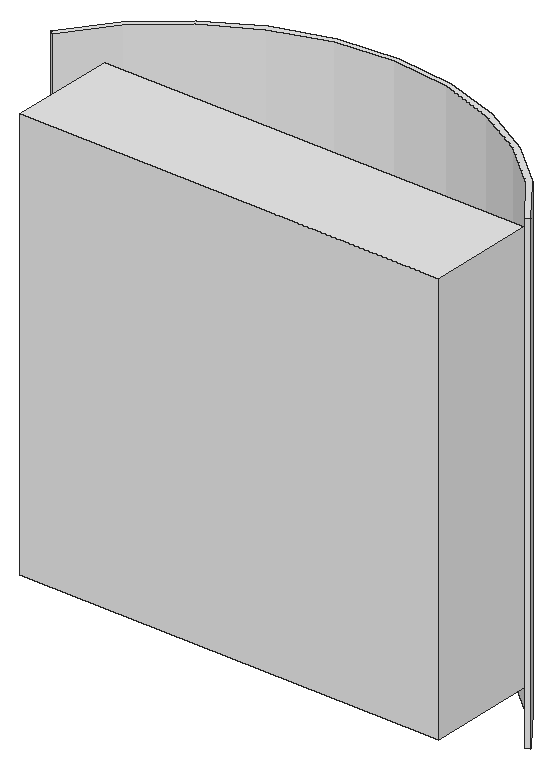
Revit family "Cypher-C2", category Lighting Fixtures, host Wall, Revit 2013
Parameters (values of type "CY2-45-5K7-1-4D-R")
  Watts = 52 W
  Wattage Comments = "50W, 4500 nominal lumens"
  Wattage = 52 W
  built-in parameter 1150110 = 1 (stored number, unit not read)
  Voltage = if([120 Voltage], 120 V, 270 V)  # 120 V
  URL = "http://www.aal.net/"
  built-in parameter 1114217 = 1 (stored number, unit not read)
  Tilt Angle = 90.00°
  built-in parameter 1150109 = 1 (stored number, unit not read)
  built-in parameter 1150134 = 2
  built-in parameter 1150113 = 1 (stored number, unit not read)
  Photometric Web Link = "http://www.aal.net/products/cypher_1"
  Photometric Notes = "More IES files download Photometric Web Link"  # constant formula
  Glass = Hubbell-White Glass
  Product Page URL = "http://www.aal.net/products/cypher_1"
  Product Documentation Link = "http://www.aal.net/content/products/specs/specs_files/aal_cy2_spec.pdf"
  Power Factor = 1
  Photometric Web File = "CY2-45-5K7-1-4D-R.IES"
  Fascia Form [instance] = Panel : Radius - 4 Square
  Model = "Cypher - Pedestrian Scale"  # constant formula
  Manufacturer Phone = "626-968-5666"  # constant formula
  Manufacturer Fax = "626-369-2695"  # constant formula
  Manufacturer = "Architectural Area Lighting"  # constant formula
  built-in parameter 1150105 = 318.63 (stored number, unit not read)
  Lumens = 4004 lm
  built-in parameter 1150115 = 1 (stored number, unit not read)
  Load Classification = Lighting
  built-in parameter 1150137 = (empty or 0)
  built-in parameter 1150139 = (empty or 0)
  built-in parameter 1150112 = 1 (stored number, unit not read)
  built-in parameter 1150114 = 1 (stored number, unit not read)
  Lamp = "360° Light Distribution"  # constant formula
  built-in parameter 1150132 = (empty or 0)
  built-in parameter 1150102 = (empty or 0)
  built-in parameter 1150107 = 5000 (stored number, unit not read)
  built-in parameter 1150138 = (empty or 0)
  built-in parameter 1150106 = 3.1863 (stored number, unit not read)
  Emit from Rectangle Width = 9.00"  # constant formula
  Emit from Rectangle Length = 3.00"  # constant formula
  Emit Shape Visible in Rendering = no
  built-in parameter 1150104 = 7.1535 (stored number, unit not read)
  Dimming Lamp Color Temperature Shift = <None>
  Description = "Cypher allows designers to mix and match optics for best-in-class aesthetics and performance"  # constant formula
  Color Filter = 16777215
  Box Finish = Hubbell-White
  built-in parameter 1114218 = 1 (stored number, unit not read)
  built-in parameter 1150133 = 10 (stored number, unit not read)
  Assembly Code = "D5020"
  Apparent Load = Watts / Power Factor  # 52 VA
  277 Voltage = not([120 Voltage])  # no
  120 Voltage = yes
Types (6): name | Watts | Wattage Comments | Wattage | built-in parameter 1150134 | Photometric Web File | Fascia Form | built-in parameter 1150105 | Lumens | built-in parameter 1150107 | built-in parameter 1150106 | built-in parameter 1150104 | Apparent Load
  CY2-25-3K7-1-2-R | 26 W | "25W, 2500 nominal lumens" | 26 W | (empty or 0) | "CY2-25-3K7-1-2-R.ies" | Panel : Flat - Blank | 180 (stored number, unit not read) | 2262 lm | 3000 (stored number, unit not read) | 1.8 (stored number, unit not read) | 8.0826 (stored number, unit not read) | 26 VA
  CY2-25-4K7-1-SP-R | 26 W | "25W, 2500 nominal lumens" | 26 W | 12 | "CY2-25-4K7-1-SP-R.IES" | Panel : Flat - Blank | 171.73 (stored number, unit not read) | 2158 lm | 4000 (stored number, unit not read) | 1.7173 (stored number, unit not read) | 7.711 (stored number, unit not read) | 26 VA
  CY2-35-4K7-1-1D-R | 40 W | "40W, 3500 nominal lumens" | 40 W | 12 | "CY2-35-4K7-1-1D-R.ies" | Panel : Flat - Blank | 257.83 (stored number, unit not read) | 3240 lm | 4000 (stored number, unit not read) | 2.5783 (stored number, unit not read) | 7.5251 (stored number, unit not read) | 40 VA
  CY2-35-5K7-1-WG-R | 40 W | "40W, 3500 nominal lumens" | 40 W | 2 | "CY2-35-5K7-1-WG-R.IES" | Panel : Flat - Blank | 315.13 (stored number, unit not read) | 3960 lm | 5000 (stored number, unit not read) | 3.1513 (stored number, unit not read) | 9.1974 (stored number, unit not read) | 40 VA
  CY2-45-3K7-1-3-R | 52 W | "50W, 4500 nominal lumens" | 52 W | (empty or 0) | "CY2-45-3K7-1-3-R.IES" | Panel : Flat - Blank | 339.32 (stored number, unit not read) | 4264 lm | 3000 (stored number, unit not read) | 3.3932 (stored number, unit not read) | 7.618 (stored number, unit not read) | 52 VA
  CY2-45-5K7-1-4D-R | 52 W | "50W, 4500 nominal lumens" | 52 W | 2 | "CY2-45-5K7-1-4D-R.IES" | Panel : Radius - 4 Square | 318.63 (stored number, unit not read) | 4004 lm | 5000 (stored number, unit not read) | 3.1863 (stored number, unit not read) | 7.1535 (stored number, unit not read) | 52 VA
Reference planes (in)
  plane 1 "Wall": y = 0
  plane 2 "Center (Left/Right)": x = 4.92126
  plane 3 "Back": y = 2.95276
  plane 4: z = 67.32601
Text (in)
  text "Placement Side" at (-36.97918, 19.73443, 0), in view "Ref. Level"
  text "Placement side" at (0, 27.32912, 79.68064), in view "Left"
  text "Placement side" at (0, 10.24977, 82.91007), in view "Right"
Dimensions and locks (in)
  locked: plane 3 "Back" to host wall
  aligned and locked: plane 1 "Wall" to host wall
  aligned and locked: nested 1 to plane 2 "Center (Left/Right)"
  aligned and locked: nested 1 to plane 4
Nested families (in)
  nested 1: "Panel" at (4.92126, 2.95276, 67.32601) x (-1, 0, 0) z (0, 1, 0), type <- "Fascia Form", Panel <- "Box Finish", Glass <- "Glass", type "Radius - 4 Square"
    with Panel Hubbell-White, Glass Hubbell-White Glass
Connectors (in)
  electrical at (4.92126, 2.95276, 67.32601), driven by "Load Classification", driven by "Voltage", driven by "Apparent Load", driven by "Power Factor"
    settings: on nested 1, index 1, voltage 120 V, apparent load 52 VA, apparent load phase1 0 VA, apparent load phase2 0 VA, apparent load phase3 0 VA, power factor 1, load classification "Lighting", number of poles 1, system type 30, power factor state 1, is connector primary yes, connector utility no, sub classification motor no, connector description "Lighting Connector"
Definition of nested family "Panel"
  Parameters (values of type "Flat - Open")
    zz Length 2 = 13.50"
    zz Length 1 = 13.70"
    URL = ""
    Radius = no
    Flat = yes
    F-Open = yes
    F-Blank = no
    R-4 Square = no
    R-Open = no
    Model = ""
    Manufacturer = ""
    R-Blank = no
    Panel [instance] = none
    Glass [instance] = none
    F-4 Square = no
    Description = ""
    Default Elevation = 48.00"
  Types (6): name | Radius | Flat | F-Open | F-Blank | R-4 Square | R-Open | R-Blank | F-4 Square
    Radius - Blank | yes | no | no | no | no | no | yes | no
    Radius - Open | yes | no | no | no | no | yes | no | no
    Radius - 4 Square | yes | no | no | no | yes | yes | no | no
    Flat - Blank | no | yes | no | yes | no | no | no | no
    Flat - Open | no | yes | yes | no | no | no | no | no
    Flat - 4 Square | no | yes | yes | no | no | no | no | yes
  Reference planes (in)
    plane 1 "Center (Front/Back)": y = 0
    plane 2: z = 0
    plane 3 "Center (Left/Right)": x = 0
    plane 4: x = -7.85
    plane 5: y = 7.75
    plane 6: y = -7.75
    plane 7: x = 7.85
    plane 8: x = -2
    plane 9: x = 2
    plane 10: y = 2
    plane 11: y = -2
    plane 12: x = -6.85
    plane 13: x = 6.85
    plane 14: y = 6.75
    plane 15: y = -6.75
    plane 16: z = 6.9
    plane 17: x = -7.5
    plane 18: x = 7.5
    plane 19: y = -7.5
    plane 20: y = 7.5
    plane 21: z = 3.45
  Forms (in)
    Extrusion 1, solid
      sketch origin (0, 0, 0) x (1, 0, 0) y (0, 1, 0)
        loop
          line (-48, 48) -> (-48, -48) -> (48, -48) -> (48, 48) -> (-48, 48)
      from 0 to -12
    Extrusion 2, solid, material <- "Panel", visible <- "Radius"
      sketch origin (0, 0, -5.12088) x (1, 0, 0) y (0, 0, 1)
        loop
          line (-7.85, 7.62088) -> (-7.70499, 7.53216)
          arc (-7.70499, 7.53216) -> (0, 11.85088) -> (7.70499, 7.53216) r 9.03256
          line (7.70499, 7.53216) -> (7.85, 7.62088)
          arc (7.85, 7.62088) -> (0, 12.02088) -> (-7.85, 7.62088) r 9.20256
      from 7.75 to -7.75
    Extrusion 3, void
      sketch origin (0, 0, 0) x (1, 0, 0) y (0, 1, 0)
        loop
          line (-2, 2) -> (-2, -2) -> (2, -2) -> (2, 2) -> (-2, 2)
      from 7.43003 to 0.25
    Extrusion 4, solid, material <- "Glass", visible <- "R-Open"
      sketch origin (0, 0, -8.59835) x (1, 0, 0) y (0, 0, 1)
        loop
          line (-2, 15.27839) -> (-2, 15.19641)
          arc (-2, 15.19641) -> (0, 15.41835) -> (2, 15.19641) r 9.12256
          line (2, 15.19641) -> (2, 15.27839)
          arc (2, 15.27839) -> (0, 15.49835) -> (-2, 15.27839) r 9.20256
      from 2 to -2
    Extrusion 5, solid, material <- "Panel", visible <- "R-Blank"
      sketch origin (0, 0, -8.65303) x (1, 0, 0) y (0, 0, 1)
        loop
          line (-2, 15.33095) -> (-2, 15.24912)
          arc (-2, 15.24912) -> (0, 15.46275) -> (2, 15.24912) r 9.46875
          line (2, 15.24912) -> (2, 15.33095)
          arc (2, 15.33095) -> (0, 15.54275) -> (-2, 15.33095) r 9.54875
      from 2 to -2
    Extrusion 6, solid, material <- "Panel", visible <- "R-4 Square"
      sketch origin (0, 0, -8.64522) x (1, 0, 0) y (0, 0, 1)
        loop
          line (-2, 15.32526) -> (-2, 15.24328)
          arc (-2, 15.24328) -> (0, 15.46522) -> (2, 15.24328) r 9.12256
          line (2, 15.24328) -> (2, 15.32526)
          arc (2, 15.32526) -> (0, 15.54522) -> (-2, 15.32526) r 9.20256
      from 2 to -2
    Extrusion 7, void
      sketch origin (0, 0, 0) x (1, 0, 0) y (0, 1, 0)
        loop
          line (-2, 2) -> (-2, 0.125) -> (-0.125, 0.125) -> (-0.125, 2) -> (-2, 2)
        loop
          line (2, 2) -> (0.125, 2) -> (0.125, 0.125) -> (2, 0.125) -> (2, 2)
        loop
          line (-2, -2) -> (-0.125, -2) -> (-0.125, -0.125) -> (-2, -0.125) -> (-2, -2)
        loop
          line (2, -2) -> (2, -0.125) -> (0.125, -0.125) -> (0.125, -2) -> (2, -2)
      from 7.47083 to 2.5679
    Extrusion 8, solid, material <- "Panel"
      sketch origin (0, 0, 0) x (1, 0, 0) y (0, 1, 0)
        loop
          line (-6.85, 6.75) -> (-6.85, -6.75) -> (6.85, -6.75) -> (6.85, 6.75) -> (-6.85, 6.75)
      from 0 to 3.45
    Extrusion 9, solid, material <- "Panel", visible <- "Flat"
      sketch origin (0, 0, 0) x (1, 0, 0) y (0, 1, 0)
        loop
          line (-7.5, 7.5) -> (-7.5, -7.5) -> (7.5, -7.5) -> (7.5, 7.5) -> (-7.5, 7.5)
      from 3.45 to 3.6
    Extrusion 10, solid, material <- "Panel", visible <- "F-Blank"
      sketch origin (0, 0, 0) x (1, 0, 0) y (0, 1, 0)
        loop
          line (-2, 2) -> (-2, -2) -> (2, -2) -> (2, 2) -> (-2, 2)
      from 3.51565 to 3.6
    Extrusion 11, solid, material <- "Glass", visible <- "F-Open"
      sketch origin (0, 0, 0) x (1, 0, 0) y (0, 1, 0)
        loop
          line (-2, 2) -> (-2, -2) -> (2, -2) -> (2, 2) -> (-2, 2)
      from 3.45 to 3.51565
    Extrusion 12, solid, material <- "Panel", visible <- "F-4 Square"
      sketch origin (0, 0, 0) x (1, 0, 0) y (0, 1, 0)
        loop
          line (-2, 2) -> (-2, -2) -> (2, -2) -> (2, 2) -> (-2, 2)
      from 3.51565 to 3.6
    Extrusion 13, void
      sketch origin (0, 0, 0) x (1, 0, 0) y (0, 0, 1)
        loop
          line (-6.35, 3.2) -> (-6.35, 0.25) -> (6.35, 0.25) -> (6.35, 3.2) -> (-6.35, 3.2)
      from -2.93789 to 7.75
    Extrusion 14, solid, material <- "Glass"
      sketch origin (0, 0, 0) x (1, 0, 0) y (0, 0, 1)
        loop
          line (-6.35, 3.2) -> (-6.35, 0.25) -> (6.35, 0.25) -> (6.35, 3.2) -> (-6.35, 3.2)
      from 6.36667 to 6.4986
  Cuts and joins
    Extrusion 3 cuts Extrusion 2
    Extrusion 7 cuts Extrusion 6
    Extrusion 3 cuts Extrusion 9
    Extrusion 7 cuts Extrusion 12
    Extrusion 3, Extrusion 13 cuts Extrusion 8
  Dimensions and locks (in)
    equal spacing: plane 5, plane 1 "Center (Front/Back)", plane 6
    locked: plane 6 to plane 5 at 15.5
    equal spacing: plane 4, plane 3 "Center (Left/Right)", plane 7
    locked: plane 4 to plane 7 at 15.7
    equal spacing: plane 8, plane 3 "Center (Left/Right)", plane 9
    equal spacing: plane 10, plane 1 "Center (Front/Back)", plane 11
    locked: plane 8 to plane 3 "Center (Left/Right)" at 2
    locked: plane 1 "Center (Front/Back)" to plane 10 at 2
    equal spacing: plane 12, plane 3 "Center (Left/Right)", plane 13
    equal spacing: plane 14, plane 1 "Center (Front/Back)", plane 15
    "zz Length 1": plane 12 to plane 13
    "zz Length 2": plane 14 to plane 15
    plane 16 to plane 2 = 6.90"
    equal spacing: plane 17, plane 3 "Center (Left/Right)", plane 18
    equal spacing: plane 19, plane 1 "Center (Front/Back)", plane 20
    locked: plane 19 to plane 20 at 15
    locked: plane 17 to plane 18 at 15
    plane 21 to plane 2 = 3.45"
    locked: Extrusion 8 to Extrusion 13 sketch curve at 0.5  (x2)
    locked: Extrusion 13 sketch curve to Extrusion 1 at 0.25
    locked: plane 21 to Extrusion 13 sketch curve at 0.25
    aligned and locked: plane 2 to Extrusion 1
    aligned and locked: level to Extrusion 1
    aligned and locked: plane 5 to Extrusion 2
    aligned and locked: plane 6 to Extrusion 2
    aligned and locked: Extrusion 3 sketch curve to plane 10
    aligned and locked: plane 8 to Extrusion 3 sketch curve
    aligned and locked: Extrusion 3 sketch curve to plane 11
    aligned and locked: plane 9 to Extrusion 3 sketch curve
    aligned and locked: plane 10 to Extrusion 4
    aligned and locked: plane 11 to Extrusion 4
    aligned and locked: plane 10 to Extrusion 5
    aligned and locked: plane 11 to Extrusion 5
    aligned and locked: plane 10 to Extrusion 6
    aligned and locked: plane 11 to Extrusion 6
    aligned and locked: Extrusion 7 sketch curve to plane 10
    aligned and locked: plane 8 to Extrusion 7 sketch curve
    aligned and locked: Extrusion 7 sketch curve to plane 8
    aligned and locked: Extrusion 7 sketch curve to plane 9
    aligned and locked: plane 9 to Extrusion 7 sketch curve
    aligned and locked: Extrusion 7 sketch curve to plane 11
    aligned and locked: plane 11 to Extrusion 7 sketch curve
    aligned and locked: plane 10 to Extrusion 7 sketch curve
    aligned and locked: plane 14 to Extrusion 8 sketch curve
    aligned and locked: plane 15 to Extrusion 8 sketch curve
    aligned and locked: plane 20 to Extrusion 9 sketch curve
    aligned and locked: plane 17 to Extrusion 9 sketch curve
    aligned and locked: plane 19 to Extrusion 9 sketch curve
    aligned and locked: plane 18 to Extrusion 9 sketch curve
    aligned and locked: Extrusion 9 to Extrusion 8
    aligned and locked: plane 21 to Extrusion 8
    aligned and locked: Extrusion 10 sketch curve to cut or joined group of Extrusion 2, Extrusion 3  (x4)
    aligned and locked: Extrusion 12 sketch curve to cut or joined group of Extrusion 2, Extrusion 3  (x4)
    aligned and locked: Extrusion 14 sketch curve to cut or joined group of Extrusion 3, Extrusion 8, Extrusion 13  (x4)
  Automatic sketch dimensions
    Extrusion 1 sketch curve to Extrusion 1 sketch curve = 96.00"  (x2)
    plane 9 to Extrusion 4 sketch curve = 0.00"
    plane 9 to Extrusion 5 sketch curve = 0.00"
    Extrusion 7 sketch curve to plane 3 "Center (Left/Right)" = 0.125"  (x2)
    plane 3 "Center (Left/Right)" to Extrusion 7 sketch curve = 0.125"  (x2)
    plane 1 "Center (Front/Back)" to Extrusion 7 sketch curve = 0.125"  (x2)
    Extrusion 7 sketch curve to plane 1 "Center (Front/Back)" = 0.125"  (x2)
    Extrusion 4 sketch curve to plane 8 = 0.00"
    Extrusion 5 sketch curve to plane 16 = 0.22208"
    plane 9 to Extrusion 6 sketch curve = 0.00"
    Extrusion 5 sketch curve to plane 8 = 0.00"
    Extrusion 5 sketch curve to plane 3 "Center (Left/Right)" = 0.00"
    Extrusion 6 sketch curve to plane 16 = 0.21996"
    Extrusion 11 sketch curve to plane 8 = 0.00"
    Extrusion 11 sketch curve to plane 9 = 0.00"
    plane 11 to Extrusion 11 sketch curve = 0.00"
    Extrusion 11 sketch curve to plane 10 = 0.00"
    Extrusion 2 sketch curve to Extrusion 2 sketch curve = 0.00"  (x2)
    Extrusion 2 sketch curve to plane 4 = 0.00"
    plane 4 to Extrusion 2 sketch curve = 0.14501"
    Extrusion 2 sketch curve to plane 21 = 1.03872"
    Extrusion 2 sketch curve to plane 3 "Center (Left/Right)" = 0.00"
    plane 7 to Extrusion 2 sketch curve = 0.00"
    plane 7 to Extrusion 2 sketch curve = 0.14501"
    Extrusion 2 sketch curve to Extrusion 2 sketch curve = 0.08872"
    Extrusion 2 sketch curve to level = 2.30256"
    Extrusion 6 sketch curve to plane 8 = 0.00"
    Extrusion 6 sketch curve to plane 3 "Center (Left/Right)" = 0.00"
    Extrusion 6 sketch curve to Extrusion 6 sketch curve = 0.00"  (x2)
    Extrusion 6 sketch curve to Extrusion 6 sketch curve = 0.08198"
    Extrusion 6 sketch curve to level = 2.30256"
    Extrusion 4 sketch curve to plane 16 = 0.30194"
    Extrusion 4 sketch curve to Extrusion 4 sketch curve = 0.08198"
    Extrusion 4 sketch curve to Extrusion 4 sketch curve = 0.00"  (x2)
    Extrusion 4 sketch curve to plane 3 "Center (Left/Right)" = 0.00"
    Extrusion 4 sketch curve to level = 2.30256"
    Extrusion 5 sketch curve to Extrusion 5 sketch curve = 0.00"  (x2)
    Extrusion 5 sketch curve to Extrusion 5 sketch curve = 0.08183"
    Extrusion 5 sketch curve to level = 2.65904"
    Extrusion 8 sketch curve to plane 12 = 0.00"
    Extrusion 8 sketch curve to plane 13 = 0.00"
